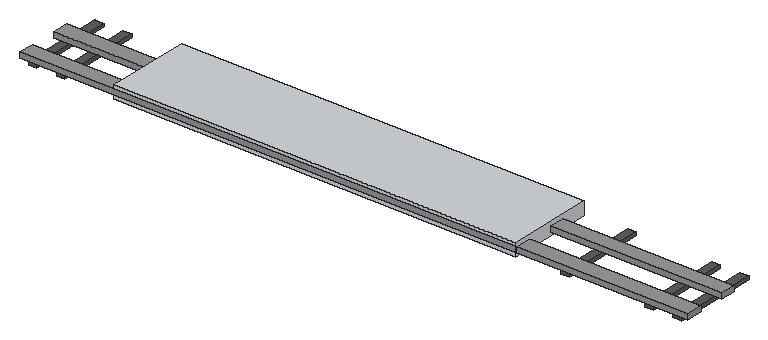
Revit family "2113-2, Veneer", category Generic Models, host Face, Revit 2020
Family settings
  Host = Face
  Can host rebar = No
  Round Connector Dimension = Use Diameter
  Part Type = Normal
  Cut with Voids When Loaded = No
  Shared = No
  Room Calculation Point = No
Parameters
  min_value [instance] = 1' - 11 1/4"  # constant formula
  max_value [instance] = 9' - 11 1/4"  # constant formula
  actual_value [instance] = if(NET LENGTH < min_value, min_value, if(NET LENGTH > max_value, max_value, NET LENGTH))  # 7' - 11 1/4"
  NET LENGTH [instance] = 7' - 11 1/4"
  Default Elevation = 4' - 0"
  BACKER MATERIAL [instance] = BLACK-BACKERS
  .. MEMBER WIDTH [instance] = 0' - 2 1/4"  # constant formula
  .. MEMBER MATERIAL [instance] = Veneer Cherry
  .. MEMBER LENGTH [instance] = actual_value  # 7' - 11 1/4"
  .. MEMBER DEPTH [instance] = 0' - 0 3/4"  # constant formula
  .. MEMBER COUNT [instance] = 2  # constant formula
  IMPORTANT NOTE!!!                                                                             *Backer layout is for visualization purposes only, final layout to be determined by 9Wood. [instance] = ""
Reference planes (in)
  plane 1 "Center (Front/Back)": y = 0
  plane 2: z = 1.82209
  plane 3 "Center (Left/Right)": x = 0
Forms (in)
  Extrusion 1, solid
    sketch origin (132, -33.80483, 0) x (1, 0, 0) y (0, 1, 0)
      loop
        line (-118.625, 33.80483) -> (-61.26146, 33.80483) -> (-61.26146, 45.86733) -> (-118.625, 45.86733) -> (-118.625, 33.80483)
    from 1.82209 to 0
Dimensions and locks (in)
  aligned and locked: Extrusion 1 to plane 2
  aligned and locked: plane 3 "Center (Left/Right)" to nested 1
Nested families (in)
  nested 1: "1100 SERIES CONFIG" at (0, 2, 0), .. MEMBER DEPTH <- ".. MEMBER DEPTH", .. MEMBER LENGTH <- ".. MEMBER LENGTH", .. MEMBER WIDTH <- ".. MEMBER WIDTH", .. MEMBER MATERIAL <- ".. MEMBER MATERIAL", BACKING M MATERIAL <- "BACKER MATERIAL", .. MEMBER COUNT <- ".. MEMBER COUNT", type "1100 SERIES CONFIG"
    with X 7' - 8", SCRIM OVERHANG 2 0' - 0 3/32", SCRIM OVERHANG 0' - 0 7/8", SCRIM LENGTH 8' - 1", SCRIM  MATERIAL SCRIM, SCRIM no, NOMINAL LENGTH 7, N 8, Inset 6' - 0 3/8", INSET 0' - 1", INDEX 0' - 5 5/8", HALF MEMBER WIDTH 0' - 1 1/8", HALF LENGTH 3' - 11 5/8", END BACKER yes, BACKING M WIDTH 0' - 1 1/4", BACKING M OC SPACING 1' - 0", BACKING M MATERIAL BLACK-BACKERS, BACKING M LENGTH 0' - 11 7/8", BACKING M DEPTH 0' - 0 1/2", BACKING M COUNT 8, 3/16" INSET 0' - 0 3/16", .. MEMBER WIDTH 0' - 2 1/4", .. MEMBER OC SPACING 0' - 6", .. MEMBER MATERIAL Veneer Cherry, .. MEMBER LENGTH 7' - 11 1/4", .. MEMBER DEPTH 0' - 0 3/4", .. MEMBER COUNT 2
Definition of nested family "1100 SERIES CONFIG"
  Parameters (values of type "1100 SERIES CONFIG")
    X [instance] = .. MEMBER LENGTH - 0' 3 1/4"  # 5' - 5"
    SCRIM OVERHANG 2 [instance] = 0' - 0 3/32"  # constant formula
    SCRIM OVERHANG [instance] = 0' - 0 7/8"  # constant formula
    SCRIM LENGTH [instance] = .. MEMBER LENGTH + (SCRIM OVERHANG * 2)  # 5' - 10"
    SCRIM  MATERIAL [instance] = none
    SCRIM [instance] = yes
    NOMINAL LENGTH [instance] = 7
    N [instance] = if((X - (rounddown(X / 1' 0") * 1' 0")) > 1' 0", rounddown(X / 1' 0") + 2, rounddown(X / 1' 0") + 1)  # 6
    Inset [instance] = 6' - 0 3/8"  # constant formula
    INSET [instance] = 0' - 1"  # constant formula
    END BACKER [instance] = INDEX > 0' 3 5/8"  # yes
    INDEX [instance] = (.. MEMBER LENGTH - ((N - 1) * 1' 0")) / 2  # 0' - 4 1/8"
    HALF MEMBER WIDTH [instance] = .. MEMBER WIDTH / 2  # 0' - 0 5/16"
    HALF LENGTH [instance] = .. MEMBER LENGTH / 2  # 2' - 10 1/8"
    Default Elevation = 0' - 0"
    BACKING M WIDTH [instance] = 0' - 1 1/4"
    BACKING M SPACING = 3' - 3"
    BACKING M MATERIAL [instance] = none
    BACKING M LENGTH [instance] = 0' - 11 7/8"
    BACKING M DEPTH [instance] = 0' - 0 1/2"
    BACKING M COUNT [instance] = N  # 6
    BACKING M OC SPACING [instance] = 1' - 0"  # constant formula
    3/16" INSET [instance] = 0' - 0 3/16"  # constant formula
    .. MEMBER WIDTH [instance] = 0' - 0 5/8"
    .. MEMBER OC SPACING [instance] = 1' 0" / .. MEMBER COUNT  # 0' - 4"
    .. MEMBER MATERIAL [instance] = none
    .. MEMBER LENGTH [instance] = 5' - 8 1/4"
    .. MEMBER DEPTH [instance] = 0' - 1 3/8"
    .. MEMBER COUNT [instance] = 3
  Reference planes (in)
    plane 1 "Center (Front/Back)": y = -2
    plane 2: z = 0
    plane 3 "Center (Left/Right)": x = 0
    plane 4: x = 1
    plane 5: x = 4.125
    plane 6: x = 34.125
    plane 7: x = 68.25
    plane 8: x = 67.25
    plane 9: x = 16.125
    plane 10: y = -1.8125
    plane 11: y = -1.6875
    plane 12: y = 2.3125
    plane 13: x = 69.125
    plane 14: x = -0.875
    plane 15: z = 0.5
    plane 16: z = 0.5625
    plane 17: y = 10.0625
    plane 18: y = 10.15625
    plane 19: y = -2.09375
  Dimensions and locks (in)
    "INSET": plane 3 "Center (Left/Right)" to plane 4
    "INDEX": plane 3 "Center (Left/Right)" to plane 5
    "HALF LENGTH": plane 3 "Center (Left/Right)" to plane 6
    ".. MEMBER LENGTH": plane 3 "Center (Left/Right)" to plane 7
    "INSET": plane 8 to plane 7
    equal spacing: group 2, group 3, group 6, group 7, group 8, group 9  (x3)
    "3/16" INSET": plane 1 "Center (Front/Back)" to plane 10
    ".. MEMBER OC SPACING": plane 12 to plane 11
    "SCRIM OVERHANG": plane 14 to plane 3 "Center (Left/Right)"
    "SCRIM OVERHANG": plane 7 to plane 13
    equal spacing: group 1, group 4, group 5  (x2)
    equal spacing: group 5, group 4, group 1
    "HALF MEMBER WIDTH": plane 1 "Center (Front/Back)" to plane 11
    "BACKING M OC SPACING": plane 5 to plane 9
    "SCRIM OVERHANG 2": plane 18 to plane 17
    "SCRIM OVERHANG 2": plane 19 to plane 1 "Center (Front/Back)"
    aligned and locked: level to plane 2
    aligned and locked: plane 6 to nested 1
    aligned and locked: nested 2 to plane 4
    aligned and locked: plane 5 to nested 3
    aligned and locked: plane 1 "Center (Front/Back)" to nested 1
    aligned and locked: nested 2 to plane 10
    aligned and locked: nested 3 to plane 10
    aligned and locked: nested 5 to plane 10
    aligned and locked: nested 4 to plane 10
    aligned and locked: nested 6 to plane 14
    aligned and locked: plane 12 to nested 7
    aligned and locked: nested 7 to plane 3 "Center (Left/Right)"
    aligned and locked: plane 9 to nested 5
    aligned and locked: plane 8 to nested 4
    aligned and locked: plane 15 to nested 2
    aligned and locked: nested 6 to plane 15
    aligned and locked: nested 1 to plane 16
    aligned and locked: nested 7 to plane 16
    aligned and locked: nested 6 to plane 19
  Nested families (in)
    nested 1: "INSTANCE - Parametric Cube" at (34.125, -1.6875, 1.9375), Length <- ".. MEMBER WIDTH", Height <- ".. MEMBER DEPTH", Width <- ".. MEMBER LENGTH", Material <- ".. MEMBER MATERIAL", type "INSTANCE - Parametric Cube"
      with Width 5' - 8 1/4", Material none, Length 0' - 0 5/8", Height 0' - 1 3/8"
    nested 2: "2ND INSTANCE - Parametric Cube" at (1.625, 4.125, 0), Height <- "BACKING M DEPTH", Length <- "BACKING M LENGTH", Width <- "BACKING M WIDTH", Material <- "BACKING M MATERIAL", visible <- "END BACKER", type "2ND INSTANCE - Parametric Cube"
      with Width 0' - 1 1/4", Material none, Length 0' - 11 7/8", Height 0' - 0 1/2"
    nested 3: "2ND INSTANCE - Parametric Cube" at (4.125, 4.125, 0), Length <- "BACKING M LENGTH", Height <- "BACKING M DEPTH", Width <- "BACKING M WIDTH", Material <- "BACKING M MATERIAL", type "2ND INSTANCE - Parametric Cube"
      with Width 0' - 1 1/4", Material none, Length 0' - 11 7/8", Height 0' - 0 1/2"
    nested 4: "2ND INSTANCE - Parametric Cube" at (66.625, 4.125, 0), Width <- "BACKING M WIDTH", Length <- "BACKING M LENGTH", Height <- "BACKING M DEPTH", Material <- "BACKING M MATERIAL", visible <- "END BACKER", type "2ND INSTANCE - Parametric Cube"
      with Width 0' - 1 1/4", Material none, Length 0' - 11 7/8", Height 0' - 0 1/2"
    nested 5: "2ND INSTANCE - Parametric Cube" at (16.125, 4.125, 0), Length <- "BACKING M LENGTH", Height <- "BACKING M DEPTH", Width <- "BACKING M WIDTH", Material <- "BACKING M MATERIAL", type "2ND INSTANCE - Parametric Cube"
      with Width 0' - 1 1/4", Material none, Length 0' - 11 7/8", Height 0' - 0 1/2"
    nested 6: "3RD INSTANCE - Parametric Cube" at (34.125, 4.0445, 0.5), Width <- "SCRIM LENGTH", Material <- "SCRIM  MATERIAL", visible <- "SCRIM", type "3RD INSTANCE - Parametric Cube"
      with Width 5' - 10", Material none, Length 1' - 0.27649", Height 0' - 0 1/16"
    nested 7: "INSTANCE - Parametric Cube" at (34.125, 2.3125, 1.9375), Length <- ".. MEMBER WIDTH", Height <- ".. MEMBER DEPTH", Width <- ".. MEMBER LENGTH", Material <- ".. MEMBER MATERIAL", type "INSTANCE - Parametric Cube"
      with Width 5' - 8 1/4", Material none, Length 0' - 0 5/8", Height 0' - 1 3/8"
    nested 8: "INSTANCE - Parametric Cube" at (34.125, 6.3125, 1.9375), Length <- ".. MEMBER WIDTH", Height <- ".. MEMBER DEPTH", Width <- ".. MEMBER LENGTH", Material <- ".. MEMBER MATERIAL", type "INSTANCE - Parametric Cube"
      with Width 5' - 8 1/4", Material none, Length 0' - 0 5/8", Height 0' - 1 3/8"
    nested 9: "2ND INSTANCE - Parametric Cube" at (28.125, 4.125, 0), Length <- "BACKING M LENGTH", Height <- "BACKING M DEPTH", Width <- "BACKING M WIDTH", Material <- "BACKING M MATERIAL", type "2ND INSTANCE - Parametric Cube"
      with Width 0' - 1 1/4", Material none, Length 0' - 11 7/8", Height 0' - 0 1/2"
    nested 10: "2ND INSTANCE - Parametric Cube" at (40.125, 4.125, 0), Length <- "BACKING M LENGTH", Height <- "BACKING M DEPTH", Width <- "BACKING M WIDTH", Material <- "BACKING M MATERIAL", type "2ND INSTANCE - Parametric Cube"
      with Width 0' - 1 1/4", Material none, Length 0' - 11 7/8", Height 0' - 0 1/2"
    nested 11: "2ND INSTANCE - Parametric Cube" at (52.125, 4.125, 0), Length <- "BACKING M LENGTH", Height <- "BACKING M DEPTH", Width <- "BACKING M WIDTH", Material <- "BACKING M MATERIAL", type "2ND INSTANCE - Parametric Cube"
      with Width 0' - 1 1/4", Material none, Length 0' - 11 7/8", Height 0' - 0 1/2"
    nested 12: "2ND INSTANCE - Parametric Cube" at (64.125, 4.125, 0), Length <- "BACKING M LENGTH", Height <- "BACKING M DEPTH", Width <- "BACKING M WIDTH", Material <- "BACKING M MATERIAL", type "2ND INSTANCE - Parametric Cube"
      with Width 0' - 1 1/4", Material none, Length 0' - 11 7/8", Height 0' - 0 1/2"
  Definition of nested family "INSTANCE - Parametric Cube"
    Parameters (values of type "INSTANCE - Parametric Cube")
      Width [instance] = 0' - 6"
      Material [instance] = none
      Length [instance] = 1' - 0"
      Height [instance] = 1' - 6"
      Default Elevation = 0' - 0"
    Reference planes (in)
      plane 1 "Center (Front/Back)": y = 0
      plane 2: z = 0
      plane 3 "Center (Left/Right)": x = 0
      plane 4: x = -3
      plane 5: x = 3
      plane 6: y = 6
      plane 7: y = -6
      plane 8: z = -18
    Forms (in)
      Extrusion 1, solid, material <- "Material"
        sketch origin (0, 0, 0) x (1, 0, 0) y (0, 1, 0)
          loop
            line (-3, 6) -> (-3, -6) -> (3, -6) -> (3, 6) -> (-3, 6)
        from -18 to 0
    Dimensions and locks (in)
      equal spacing: plane 4, plane 3 "Center (Left/Right)", plane 5
      equal spacing: plane 6, plane 1 "Center (Front/Back)", plane 7
      "Length": plane 6 to plane 7
      "Width": plane 4 to plane 5
      "Height": plane 8 to level
      aligned and locked: plane 2 to level
      aligned and locked: Extrusion 1 sketch curve to plane 6
      aligned and locked: plane 4 to Extrusion 1 sketch curve
      aligned and locked: plane 7 to Extrusion 1 sketch curve
      aligned and locked: Extrusion 1 sketch curve to plane 5
      aligned and locked: Extrusion 1 to plane 8
  Definition of nested family "2ND INSTANCE - Parametric Cube"
    Parameters (values of type "2ND INSTANCE - Parametric Cube")
      Width [instance] = 0' - 6"
      Material [instance] = none
      Length [instance] = 1' - 0"
      Height [instance] = 1' - 6"
      Default Elevation = 0' - 0"
    Reference planes (in)
      plane 1 "Center (Front/Back)": y = 0
      plane 2: z = 0
      plane 3 "Center (Left/Right)": x = 0
      plane 4: x = -3
      plane 5: x = 3
      plane 6: y = 6
      plane 7: y = -6
      plane 8: z = 18
    Forms (in)
      Extrusion 1, solid, material <- "Material"
        sketch origin (0, 0, 0) x (1, 0, 0) y (0, 1, 0)
          loop
            line (-3, 6) -> (-3, -6) -> (3, -6) -> (3, 6) -> (-3, 6)
        from 0 to 18
    Dimensions and locks (in)
      equal spacing: plane 4, plane 3 "Center (Left/Right)", plane 5
      equal spacing: plane 6, plane 1 "Center (Front/Back)", plane 7
      "Length": plane 6 to plane 7
      "Width": plane 4 to plane 5
      "Height": level to plane 8
      aligned and locked: plane 2 to level
      aligned and locked: Extrusion 1 sketch curve to plane 6
      aligned and locked: plane 4 to Extrusion 1 sketch curve
      aligned and locked: plane 7 to Extrusion 1 sketch curve
      aligned and locked: Extrusion 1 sketch curve to plane 5
      aligned and locked: plane 8 to Extrusion 1
      aligned and locked: Extrusion 1 to level
  Definition of nested family "3RD INSTANCE - Parametric Cube"
    Parameters (values of type "3RD INSTANCE - Parametric Cube")
      Width [instance] = 0' - 6"
      Material [instance] = none
      Length [instance] = 1' - 0"
      Height [instance] = 1' - 6"
      Default Elevation = 0' - 0"
    Reference planes (in)
      plane 1 "Center (Front/Back)": y = 0
      plane 2: z = 0
      plane 3 "Center (Left/Right)": x = 0
      plane 4: x = -3
      plane 5: x = 3
      plane 6: y = 6
      plane 7: y = -6
      plane 8: z = 18
    Forms (in)
      Extrusion 1, solid, material <- "Material"
        sketch origin (0, 0, 0) x (1, 0, 0) y (0, 1, 0)
          loop
            line (-3, 6) -> (-3, -6) -> (3, -6) -> (3, 6) -> (-3, 6)
        from 0 to 18
    Dimensions and locks (in)
      equal spacing: plane 4, plane 3 "Center (Left/Right)", plane 5
      equal spacing: plane 6, plane 1 "Center (Front/Back)", plane 7
      "Length": plane 6 to plane 7
      "Width": plane 4 to plane 5
      "Height": level to plane 8
      aligned and locked: plane 2 to level
      aligned and locked: Extrusion 1 sketch curve to plane 6
      aligned and locked: plane 4 to Extrusion 1 sketch curve
      aligned and locked: plane 7 to Extrusion 1 sketch curve
      aligned and locked: Extrusion 1 sketch curve to plane 5
      aligned and locked: plane 8 to Extrusion 1
      aligned and locked: Extrusion 1 to level
